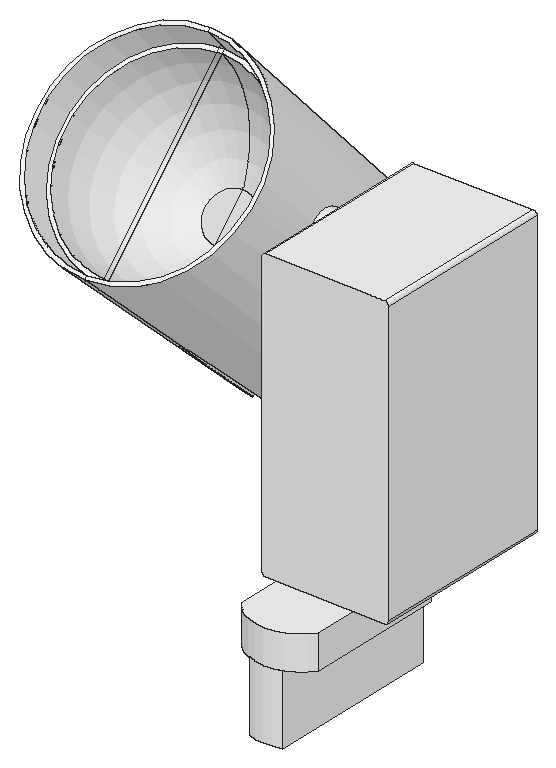
Revit family "0004864 Feilo Sylvania Lighting Fixture START TRACK SPOT S 24W 3K RA90 WB WHITE", category Lighting Fixtures, host Face, Revit 2017
Family settings
  Host = Face
  Round Connector Dimension = Use Diameter
  Part Type = Normal
  OmniClass Number = 23.80.70.00
  OmniClass Title = Lighting
  Cut with Voids When Loaded = No
  Light Source = No
  Shared = No
  Room Calculation Point = No
Parameters (values of type "0004864 START TRACK SPOT S 24W 3K RA90 WB WHITE")
  Weight = "0.966 kg"
  Wattage Comments = ""
  WarrantyStartDate [instance] = "n/a"
  WarrantyGuarantorParts = "n/a"
  WarrantyDurationUnit = "n/a"
  WarrantyDurationParts = "n/a"
  WarrantyDescription = "n/a"
  Voltage = 230 V
  URL = "http://www.sylvania-lighting.com"
  TypeName = "START TRACK SPOT S 24W 3K RA90 WB WHITE"
  TypeHead_FEILO = Start Track Spot Head : 0004864 START TRACK SPOT S 24W 3K RA90 WB WHITE
  TypeBox_FEILO = Start Track Spot Box : Type Small White
  Type Image = <None>
  Type Comments = "n/a"
  VerticalRotation_FEILO [instance] = 0.00°
  SlideEndAngle_FEILO [instance] = VerticalRotation_FEILO + 180.00°  # 180.00°
  SerialNumber [instance] = "n/a"
  Material_3_FEILO = none
  PowerFactor = 0.95
  PowerConsumption = "24 W"
  NominalLength = 0 mm
  NominalHeight = 200 mm
  NominalDepth = 140 mm
  Name = "START TRACK SPOT S 24W 3K RA90 WB WHITE"
  ModelReference = Name  # "START TRACK SPOT S 24W 3K RA90 WB WHITE"
  ModelNumber = "0004864"
  Model = Name  # "START TRACK SPOT S 24W 3K RA90 WB WHITE"
  Material = "adc12 aluminium housing, polycarbonate diffuser"
  ManufacturerName = "Feilo Sylvania"
  Manufacturer = "Feilo Sylvania"
  LuminousEfficacy = "80 lm/W"
  LuminaireType = ""
  LightOutputRatio = "100"
  LampsType = Lamp  # "LED"
  LampNominalLuminous = "1928 lm"
  LampMacAdamStep = "3"
  LampColourTemperature = "3000 K"
  LampColourRenderingIndex = "90"
  Lamp = "LED"
  Keynote = "16500"
  InstallationDate [instance] = "n/a"
  InputVoltage = "230-240V~"
  InputNominalFrequency = "50/60 Hz"
  IngressProtection = "IP20"
  ImpactProtectionIndex = "IK02"
  IfcExportType = "IfcLightFixtureType"
  IfcExportAs = "IfcLightFixtureType"
  HorizontalRotation_FEILO [instance] = 45.00°
  ExpectedLife = 50000
  ElectricShockClassification = "Class II"
  DurationUnit = "hours"
  DocumentationLiterature = "http://www.sylvania-lighting.com/product/en-int/products/0004864"
  DimmingControlOptions = "Non dimmable"
  Material_2_FEILO = none
  Description = "Integrated LED spotlight, Textured White - RAL9016, compact and minimalist design, ideal for retail applications, die-cast aluminium body, passive cooling heatsink. Beam angle: 64°, color temperature: 3000K , total system power: 24W, total fixture output: 1928 lm, LOR: 100%, colour rendering: Ra: 90 typical, LED Chromaticity: 3 step MacAdam ellipse, lifetime: >50000 hours at L70B50, energy class: A++, A+, A, IR/UV free light source without heat radiation, operating voltage: 220-240V / 50-60Hz, drive current: 600mA, electronic driver, non-dimmable, power factor: 0.95, electrical protection: Class II, Global Track 3 Phase adapter suitable for Global trac 3-circuit tracks, ingress protection rating: IP20, suitable for internal environment only, horizontal rotation: 355°, vertical tilt: 90°, dimensions: Ø86x140x200, weight: 0.966kg."
  Default Elevation = 1219.2 mm
  CreatedOn = "12/12/2017"
  CreatedBy = ""
  Cost = 0
  built-in parameter 1114216 [instance] = (empty or 0)
  ClassificationValue = "EF_70_80"
  ClassificationName = "Uniclass2015"
  Material_1_FEILO = Body-Sylvania-StartTrackSpot-White
  BarCode [instance] = "n/a"
  AssetType = "Fixed"
  AssetIdentifier [instance] = "n/a"
  Assembly Code = "D5020200"
  Apparent Load = 24 VA
  Material_4_FEILO = none
Reference planes
  plane 1 "Center (Front/Back)": y = 0
  plane 2: z = 0
  plane 3 "Center (Left/Right)": x = 0
  plane 4: x = 15
  plane 5: x = -15
  plane 6: y = 35
  plane 7: y = -35
  plane 8: z = 13
  plane 9: z = -27
  plane 10: x = 6.5
  plane 11: x = -6.5
  plane 12: y = 27
  plane 13: y = -27
  plane 14: y = 20
Forms (mm)
  Extrusion 1, solid, material "Body-Sylvania-StartTrackSpot-White" <- "Material_1_FEILO"
    sketch origin (0, 0, 0) x (1, 0, 0) y (0, 1, 0)
      loop
        line (-15, 27) -> (-15, -27)
        arc (-15, -27) -> (0, -35) -> (15, -27) r 18.062
        line (15, -27) -> (15, 27)
        arc (15, 27) -> (0, 35) -> (-15, 27) r 18.062
    from 0 to 13
  Extrusion 2, solid, material "Body-Sylvania-StartTrackSpot-White" <- "Material_1_FEILO"
    sketch origin (0, 0, 0) x (1, 0, 0) y (0, 1, 0)
      loop
        arc (6.5, 33.79) -> (0, 35) -> (-6.5, 33.79) r 18.062
        line (-6.5, 33.79) -> (-6.5, -33.79)
        arc (-6.5, -33.79) -> (0, -35) -> (6.5, -33.79) r 18.062
        line (6.5, -33.79) -> (6.5, 33.79)
    from 0 to -27
  Revolve 3, solid, not visible
    sketch origin (1524, 20, 1219.2) x (1, 0, 0) y (0, 0, 1)
      loop
        line (-1524, -1206.2) -> (-1524, -1191.285) -> (-1530.5, -1191.285) -> (-1530.5, -1206.2) -> (-1524, -1206.2)
      axis (-1524, -1191.285) -> (-1524, -1206.2)
    angle from 0 <- "VerticalRotation_FEILO" to 180 <- "SlideEndAngle_FEILO"
Cuts and joins
  joined: Extrusion 1, Extrusion 2
Dimensions and locks
  equal spacing: plane 10, plane 3 "Center (Left/Right)", plane 11
  equal spacing: plane 4, plane 3 "Center (Left/Right)", plane 5
  locked: plane 8 to plane 2 at 13
  locked: plane 8 to plane 9 at 40
  equal spacing: plane 13, plane 1 "Center (Front/Back)", plane 12
  locked: plane 12 to plane 6 at 8
  locked: plane 14 to plane 6 at 15
  locked: Revolve 3 sketch curve to plane 8 at 14.915
  aligned and locked: plane 2 to host face
  aligned and locked: level to host face
  aligned and locked: plane 5 to Extrusion 1 sketch curve  (x2)
  aligned and locked: plane 12 to Extrusion 1 sketch curve
  aligned and locked: plane 13 to Extrusion 1 sketch curve
  aligned and locked: plane 4 to Extrusion 1 sketch curve
  aligned and locked: Extrusion 1 to plane 8
  aligned and locked: Extrusion 1 to level
  aligned and locked: Extrusion 2 sketch curve to Extrusion 1  (x2)
  aligned and locked: Extrusion 2 sketch curve to plane 11
  aligned and locked: plane 10 to Extrusion 2 sketch curve
  aligned and locked: plane 9 to Extrusion 2
  aligned and locked: level to Extrusion 2
  aligned and locked: Revolve 3 sketch curve to plane 3 "Center (Left/Right)"  (x2)
  aligned and locked: plane 11 to Revolve 3 sketch curve
  aligned and locked: Revolve 3 sketch curve to plane 8
Automatic sketch dimensions
  host sketch curve to host sketch curve = 2438.4 mm  (x2)
  Extrusion 1 sketch curve to plane 3 "Center (Left/Right)" = 0 mm  (x2)
  Extrusion 1 sketch curve to plane 13 = 10.062 mm
  plane 12 to Extrusion 1 sketch curve = 10.062 mm
  Revolve 3 sketch curve to plane 3 "Center (Left/Right)" = 0 mm
  plane 9 to Revolve 3 sketch curve = 582.6 mm
  Revolve 3 sketch curve to Revolve 3 sketch curve = 2581.144 mm
Nested families
  nested 1: "Start Track Spot Head" at (-62, 20, 112.529) x (0, 0.7071, 0.7071) z (0, 0.7071, -0.7071), type <- "TypeHead_FEILO", type "0004864 START TRACK SPOT S 24W 3K RA90 WB WHITE"
    with built-in parameter 1114216 (empty or 0)
  nested 2: "Start Track Spot Box" at (8.5, 20, 73) x (-1, 0, 0) z (0, -1, 0), BoxStartAngle_FEILO <- "HorizontalRotation_FEILO", type <- "TypeBox_FEILO", type "Type Small White"
    with BoxStartAngle_FEILO 45.00°, BoxEndAngle_FEILO -135.00°
Connectors
  electrical at (0, 0, 0), driven by "Apparent Load", driven by "PowerFactor", driven by "Voltage"
    settings: index 1, voltage 230 V, apparent load 24 VA, apparent load phase1 0 VA, apparent load phase2 0 VA, apparent load phase3 0 VA, power factor 0.95, load classification "Lighting", number of poles 1, system type 30, power factor state 1, is connector primary yes, connector utility no, sub classification motor no, connector description ""
Definition of nested family "Start Track Spot Head"
  Parameters (values of type "0004811 START TRACK SPOT S 14W 3K RA80 NB WHITE")
    Wattage Comments = "n/a"
    Wattage = 14 W
    built-in parameter 1150110 = 1 (stored number, unit not read)
    URL = "http://www.feilosylvania.com"
    Type Image = (empty or 0)
    Type Comments = "n/a"
    built-in parameter 1114217 = 1 (stored number, unit not read)
    Tilt Angle = -90.00°
    built-in parameter 1150109 = 1 (stored number, unit not read)
    built-in parameter 1150134 = (empty or 0)
    built-in parameter 1150113 = 1 (stored number, unit not read)
    Photometric Web File = "0004811.ies"
    Material_3_FEILO = none
    Model = "START TRACK SPOT S 14W 3K RA80 NB WHITE"
    Manufacturer = "Feilo Sylvania"
    built-in parameter 1150105 = 123.66 (stored number, unit not read)
    Lumens = 1554 lm
    built-in parameter 1150115 = 1 (stored number, unit not read)
    built-in parameter 1150137 = (empty or 0)
    built-in parameter 1150139 = (empty or 0)
    built-in parameter 1150112 = 1 (stored number, unit not read)
    built-in parameter 1150114 = 1 (stored number, unit not read)
    Lamp = "LED"
    Keynote = "16500"
    Material_2_FEILO = none
    built-in parameter 1150132 = (empty or 0)
    built-in parameter 1150102 = (empty or 0)
    built-in parameter 1150107 = 3000 (stored number, unit not read)
    built-in parameter 1150138 = (empty or 0)
    built-in parameter 1150106 = 1.2366 (stored number, unit not read)
    HeadThickness_FEILO = if(HeadDiaOut_FEILO > 112 mm, 2 mm, 1.5 mm)  # 1.5 mm
    HeadRibOffset_FEILO = HeadHeight_FEILO / 28  # 4.179 mm
    HeadRibDepth_FEILO = HeadHeight_FEILO / 2.1  # 55.714 mm
    HeadRibCutWidth_FEILO = HeadDiaOut_FEILO / 12  # 7.167 mm
    HeadRibCutOffset_FEILO = HeadHeight_FEILO / 2.3  # 50.87 mm
    HeadReflectorRadius_FEILO = HeadDiaOut_FEILO / 1.7  # 50.588 mm
    HeadReflectorOffset_FEILO = HeadHeight_FEILO / 2.1  # 55.714 mm
    HeadLEDRadius_FEILO = HeadDiaOut_FEILO / 9  # 9.556 mm
    HeadHeight_FEILO = 117 mm
    HeadDraft_FEILO = 1 mm
    HeadDiffusorThickness_FEILO = 3 mm
    HeadDiffusorOffset_FEILO = HeadHeight_FEILO / 12.4  # 9.435 mm
    HeadDiaOut_FEILO = 86 mm
    HeadDiaIn_FEILO = HeadDiaOut_FEILO / 1.11  # 77.477 mm
    HeadAxisFromTop_FEILO = HeadHeight_FEILO / 1.687  # 69.354 mm
    Emit from Circle Diameter = HeadDiaIn_FEILO  # 77.477 mm
    Emit Shape Visible in Rendering = no
    built-in parameter 1150104 = 10.312 (stored number, unit not read)
    Dimming Lamp Color Temperature Shift = (empty or 0)
    Description = "Integrated LED spotlight, Textured White - RAL9016, compact and minimalist design, ideal for retail applications, die-cast aluminium body, passive cooling heatsink. Beam angle: 12°, color temperature: 3000K , total system power: 14W, total fixture output: 1551 lm, LOR: 100%, colour rendering: Ra: 80 typical, LED Chromaticity: 3 step MacAdam ellipse, lifetime: >50000 hours at L70B50, energy class: A++, A+, A, IR/UV free light source without heat radiation, operating voltage: 220-240V / 50-60Hz, drive current: 350mA, electronic driver, non-dimmable, power factor: 0.92, electrical protection: Class II, Global Track 3 Phase adapter suitable for Global trac 3-circuit tracks, ingress protection rating: IP20, suitable for internal environment only, horizontal rotation: 355°, vertical tilt: 90°, dimensions: Ø86x140x200, weight: 0.940kg."
    Default Elevation = 1219.2 mm
    Cost = 0
    Color Filter = 16777215
    built-in parameter 1114216 [instance] = (empty or 0)
    Material_1_FEILO = none
    built-in parameter 1114218 = 1 (stored number, unit not read)
    built-in parameter 1150133 = 10 (stored number, unit not read)
    Assembly Code = "D5020200"
    Apparent Load = 14 VA
    Material_4_FEILO = none
  Types (96, lengths in mm): name | Wattage | built-in parameter 1150134 | Photometric Web File | Model | built-in parameter 1150105 | Lumens | built-in parameter 1150107 | built-in parameter 1150106 | HeadThickness_FEILO | HeadRibOffset_FEILO | HeadRibDepth_FEILO | HeadRibCutWidth_FEILO | HeadRibCutOffset_FEILO | HeadReflectorRadius_FEILO | HeadReflectorOffset_FEILO | HeadLEDRadius_FEILO | HeadHeight_FEILO | HeadDiffusorOffset_FEILO | HeadDiaOut_FEILO | HeadDiaIn_FEILO | HeadAxisFromTop_FEILO | Emit from Circle Diameter | built-in parameter 1150104 | Description | Apparent Load
    0004906 START TRACK SPOT L 55W 4K RA90 WB BLACK | 55 W | 12 | "0004906.ies" | "START TRACK SPOT L 55W 4K RA90 WB BLACK" | 385.15 (stored number, unit not read) | 4840 lm | 4000 (stored number, unit not read) | 3.8515 (stored number, unit not read) | 2 | 4.429 | 59.048 | 9.417 | 53.913 | 66.471 | 59.048 | 12.556 | 124 | 10 | 113 | 101.802 | 73.503 | 101.802 | 8.1755 (stored number, unit not read) | "Integrated LED spotlight, Textured Black - RAL9005, compact and minimalist design, ideal for retail applications, die-cast aluminium body, passive cooling heatsink. Beam angle: 52°, color temperature: 4000K , total system power: 55W, total fixture output: 4824 lm, LOR: 100%, colour rendering: Ra: 90 typical, LED Chromaticity: 3 step MacAdam ellipse, lifetime: >50000 hours at L70B50, energy class: A++, A+, A, IR/UV free light source without heat radiation, operating voltage: 220-240V / 50-60Hz, drive current: 1400mA, electronic driver, non-dimmable, power factor: 0.96, electrical protection: Class II, Global Track 3 Phase adapter suitable for Global trac 3-circuit tracks, ingress protection rating: IP20, suitable for internal environment only, horizontal rotation: 355°, vertical tilt: 90°, dimensions: Ø113x164x240, weight: 1.398kg." | 55 VA
    0004905 START TRACK SPOT L 55W 4K RA90 MB BLACK | 55 W | 12 | "0004905.ies" | "START TRACK SPOT L 55W 4K RA90 MB BLACK" | 389.53 (stored number, unit not read) | 4895 lm | 4000 (stored number, unit not read) | 3.8953 (stored number, unit not read) | 2 | 4.429 | 59.048 | 9.417 | 53.913 | 66.471 | 59.048 | 12.556 | 124 | 10 | 113 | 101.802 | 73.503 | 101.802 | 8.2684 (stored number, unit not read) | "Integrated LED spotlight, Textured Black - RAL9005, compact and minimalist design, ideal for retail applications, die-cast aluminium body, passive cooling heatsink. Beam angle: 38°, color temperature: 4000K , total system power: 55W, total fixture output: 4897 lm, LOR: 100%, colour rendering: Ra: 90 typical, LED Chromaticity: 3 step MacAdam ellipse, lifetime: >50000 hours at L70B50, energy class: A++, A+, A, IR/UV free light source without heat radiation, operating voltage: 220-240V / 50-60Hz, drive current: 1400mA, electronic driver, non-dimmable, power factor: 0.96, electrical protection: Class II, Global Track 3 Phase adapter suitable for Global trac 3-circuit tracks, ingress protection rating: IP20, suitable for internal environment only, horizontal rotation: 355°, vertical tilt: 90°, dimensions: Ø113x164x240, weight: 1.398kg." | 55 VA
    0004904 START TRACK SPOT L 55W 4K RA90 NB BLACK | 55 W | 12 | "0004904.ies" | "START TRACK SPOT L 55W 4K RA90 NB BLACK" | 393.91 (stored number, unit not read) | 4950 lm | 4000 (stored number, unit not read) | 3.9391 (stored number, unit not read) | 2 | 4.429 | 59.048 | 9.417 | 53.913 | 66.471 | 59.048 | 12.556 | 124 | 10 | 113 | 101.802 | 73.503 | 101.802 | 8.3613 (stored number, unit not read) | "Integrated LED spotlight, Textured Black - RAL9005, compact and minimalist design, ideal for retail applications, die-cast aluminium body, passive cooling heatsink. Beam angle: 15°, color temperature: 4000K , total system power: 55W, total fixture output: 4965 lm, LOR: 100%, colour rendering: Ra: 90 typical, LED Chromaticity: 3 step MacAdam ellipse, lifetime: >50000 hours at L70B50, energy class: A++, A+, A, IR/UV free light source without heat radiation, operating voltage: 220-240V / 50-60Hz, drive current: 1400mA, electronic driver, non-dimmable, power factor: 0.96, electrical protection: Class II, Global Track 3 Phase adapter suitable for Global trac 3-circuit tracks, ingress protection rating: IP20, suitable for internal environment only, horizontal rotation: 355°, vertical tilt: 90°, dimensions: Ø113x164x240, weight: 1.398kg." | 55 VA
    0004903 START TRACK SPOT L 35W 4K RA90 WB BLACK | 35 W | 12 | "0004903.ies" | "START TRACK SPOT L 35W 4K RA90 WB BLACK" | 284.09 (stored number, unit not read) | 3570 lm | 4000 (stored number, unit not read) | 2.8409 (stored number, unit not read) | 2 | 4.429 | 59.048 | 9.417 | 53.913 | 66.471 | 59.048 | 12.556 | 124 | 10 | 113 | 101.802 | 73.503 | 101.802 | 9.4761 (stored number, unit not read) | "Integrated LED spotlight, Textured Black - RAL9005, compact and minimalist design, ideal for retail applications, die-cast aluminium body, passive cooling heatsink. Beam angle: 52°, color temperature: 4000K , total system power: 35W, total fixture output: 3562 lm, LOR: 100%, colour rendering: Ra: 90 typical, LED Chromaticity: 3 step MacAdam ellipse, lifetime: >50000 hours at L70B50, energy class: A++, A+, A, IR/UV free light source without heat radiation, operating voltage: 220-240V / 50-60Hz, drive current: 900mA, electronic driver, non-dimmable, power factor: 0.93, electrical protection: Class II, Global Track 3 Phase adapter suitable for Global trac 3-circuit tracks, ingress protection rating: IP20, suitable for internal environment only, horizontal rotation: 355°, vertical tilt: 90°, dimensions: Ø113x164x240, weight: 1.368kg." | 35 VA
    0004902 START TRACK SPOT L 35W 4K RA90 MB BLACK | 35 W | 12 | "0004902.ies" | "START TRACK SPOT L 35W 4K RA90 MB BLACK" | 286.88 (stored number, unit not read) | 3605 lm | 4000 (stored number, unit not read) | 2.8688 (stored number, unit not read) | 2 | 4.429 | 59.048 | 9.417 | 53.913 | 66.471 | 59.048 | 12.556 | 124 | 10 | 113 | 101.802 | 73.503 | 101.802 | 9.569 (stored number, unit not read) | "Integrated LED spotlight, Textured Black - RAL9005, compact and minimalist design, ideal for retail applications, die-cast aluminium body, passive cooling heatsink. Beam angle: 38°, color temperature: 4000K , total system power: 35W, total fixture output: 3616 lm, LOR: 100%, colour rendering: Ra: 90 typical, LED Chromaticity: 3 step MacAdam ellipse, lifetime: >50000 hours at L70B50, energy class: A++, A+, A, IR/UV free light source without heat radiation, operating voltage: 220-240V / 50-60Hz, drive current: 900mA, electronic driver, non-dimmable, power factor: 0.93, electrical protection: Class II, Global Track 3 Phase adapter suitable for Global trac 3-circuit tracks, ingress protection rating: IP20, suitable for internal environment only, horizontal rotation: 355°, vertical tilt: 90°, dimensions: Ø113x164x240, weight: 1.368kg." | 35 VA
    0004901 START TRACK SPOT L 35W 4K RA90 NB BLACK | 35 W | 12 | "0004901.ies" | "START TRACK SPOT L 35W 4K RA90 NB BLACK" | 286.88 (stored number, unit not read) | 3605 lm | 4000 (stored number, unit not read) | 2.8688 (stored number, unit not read) | 2 | 4.429 | 59.048 | 9.417 | 53.913 | 66.471 | 59.048 | 12.556 | 124 | 10 | 113 | 101.802 | 73.503 | 101.802 | 9.569 (stored number, unit not read) | "Integrated LED spotlight, Textured Black - RAL9005, compact and minimalist design, ideal for retail applications, die-cast aluminium body, passive cooling heatsink. Beam angle: 15°, color temperature: 4000K , total system power: 35W, total fixture output: 3593 lm, LOR: 100%, colour rendering: Ra: 90 typical, LED Chromaticity: 3 step MacAdam ellipse, lifetime: >50000 hours at L70B50, energy class: A++, A+, A, IR/UV free light source without heat radiation, operating voltage: 220-240V / 50-60Hz, drive current: 900mA, electronic driver, non-dimmable, power factor: 0.93, electrical protection: Class II, Global Track 3 Phase adapter suitable for Global trac 3-circuit tracks, ingress protection rating: IP20, suitable for internal environment only, horizontal rotation: 355°, vertical tilt: 90°, dimensions: Ø113x164x240, weight: 1.368kg." | 35 VA
    0004900 START TRACK SPOT S 24W 4K RA90 WB BLACK | 24 W | 12 | "0004900.ies" | "START TRACK SPOT S 24W 4K RA90 WB BLACK" | 166.16 (stored number, unit not read) | 2088 lm | 4000 (stored number, unit not read) | 1.6616 (stored number, unit not read) | 1.5 | 4.179 | 55.714 | 7.167 | 50.87 | 50.588 | 55.714 | 9.556 | 117 | 9.435 | 86 | 77.477 | 69.354 | 77.477 | 8.0826 (stored number, unit not read) | "Integrated LED spotlight, Textured Black - RAL9005, compact and minimalist design, ideal for retail applications, die-cast aluminium body, passive cooling heatsink. Beam angle: 64°, color temperature: 4000K , total system power: 24W, total fixture output: 2087 lm, LOR: 100%, colour rendering: Ra: 90 typical, LED Chromaticity: 3 step MacAdam ellipse, lifetime: >50000 hours at L70B50, energy class: A++, A+, A, IR/UV free light source without heat radiation, operating voltage: 220-240V / 50-60Hz, drive current: 600mA, electronic driver, non-dimmable, power factor: 0.95, electrical protection: Class II, Global Track 3 Phase adapter suitable for Global trac 3-circuit tracks, ingress protection rating: IP20, suitable for internal environment only, horizontal rotation: 355°, vertical tilt: 90°, dimensions: Ø86x140x200, weight: 0.966kg." | 24 VA
    0004899 START TRACK SPOT S 24W 4K RA90 MB BLACK | 24 W | 12 | "0004899.ies" | "START TRACK SPOT S 24W 4K RA90 MB BLACK" | 169.98 (stored number, unit not read) | 2136 lm | 4000 (stored number, unit not read) | 1.6998 (stored number, unit not read) | 1.5 | 4.179 | 55.714 | 7.167 | 50.87 | 50.588 | 55.714 | 9.556 | 117 | 9.435 | 86 | 77.477 | 69.354 | 77.477 | 8.2684 (stored number, unit not read) | "Integrated LED spotlight, Textured Black - RAL9005, compact and minimalist design, ideal for retail applications, die-cast aluminium body, passive cooling heatsink. Beam angle: 36°, color temperature: 4000K , total system power: 24W, total fixture output: 2141 lm, LOR: 100%, colour rendering: Ra: 90 typical, LED Chromaticity: 3 step MacAdam ellipse, lifetime: >50000 hours at L70B50, energy class: A++, A+, A, IR/UV free light source without heat radiation, operating voltage: 220-240V / 50-60Hz, drive current: 600mA, electronic driver, non-dimmable, power factor: 0.95, electrical protection: Class II, Global Track 3 Phase adapter suitable for Global trac 3-circuit tracks, ingress protection rating: IP20, suitable for internal environment only, horizontal rotation: 355°, vertical tilt: 90°, dimensions: Ø86x140x200, weight: 0.966kg." | 24 VA
    0004898 START TRACK SPOT S 24W 4K RA90 NB BLACK | 24 W | 12 | "0004898.ies" | "START TRACK SPOT S 24W 4K RA90 NB BLACK" | 171.89 (stored number, unit not read) | 2160 lm | 4000 (stored number, unit not read) | 1.7189 (stored number, unit not read) | 1.5 | 4.179 | 55.714 | 7.167 | 50.87 | 50.588 | 55.714 | 9.556 | 117 | 9.435 | 86 | 77.477 | 69.354 | 77.477 | 8.3613 (stored number, unit not read) | "Integrated LED spotlight, Textured Black - RAL9005, compact and minimalist design, ideal for retail applications, die-cast aluminium body, passive cooling heatsink. Beam angle: 12°, color temperature: 4000K , total system power: 24W, total fixture output: 2155 lm, LOR: 100%, colour rendering: Ra: 90 typical, LED Chromaticity: 3 step MacAdam ellipse, lifetime: >50000 hours at L70B50, energy class: A++, A+, A, IR/UV free light source without heat radiation, operating voltage: 220-240V / 50-60Hz, drive current: 600mA, electronic driver, non-dimmable, power factor: 0.95, electrical protection: Class II, Global Track 3 Phase adapter suitable for Global trac 3-circuit tracks, ingress protection rating: IP20, suitable for internal environment only, horizontal rotation: 355°, vertical tilt: 90°, dimensions: Ø86x140x200, weight: 0.966kg." | 24 VA
    0004897 START TRACK SPOT S 14W 4K RA90 WB BLACK | 14 W | 12 | "0004897.ies" | "START TRACK SPOT S 14W 4K RA90 WB BLACK" | 108.07 (stored number, unit not read) | 1358 lm | 4000 (stored number, unit not read) | 1.0807 (stored number, unit not read) | 1.5 | 4.179 | 55.714 | 7.167 | 50.87 | 50.588 | 55.714 | 9.556 | 117 | 9.435 | 86 | 77.477 | 69.354 | 77.477 | 9.0116 (stored number, unit not read) | "Integrated LED spotlight, Textured Black - RAL9005, compact and minimalist design, ideal for retail applications, die-cast aluminium body, passive cooling heatsink. Beam angle: 64°, color temperature: 4000K , total system power: 14W, total fixture output: 1352 lm, LOR: 100%, colour rendering: Ra: 90 typical, LED Chromaticity: 3 step MacAdam ellipse, lifetime: >50000 hours at L70B50, energy class: A++, A+, A, IR/UV free light source without heat radiation, operating voltage: 220-240V / 50-60Hz, drive current: 350mA, electronic driver, non-dimmable, power factor: 0.92, electrical protection: Class II, Global Track 3 Phase adapter suitable for Global trac 3-circuit tracks, ingress protection rating: IP20, suitable for internal environment only, horizontal rotation: 355°, vertical tilt: 90°, dimensions: Ø86x140x200, weight: 0.940kg." | 14 VA
    0004896 START TRACK SPOT S 14W 4K RA90 MB BLACK | 14 W | 12 | "0004896.ies" | "START TRACK SPOT S 14W 4K RA90 MB BLACK" | 108.07 (stored number, unit not read) | 1358 lm | 4000 (stored number, unit not read) | 1.0807 (stored number, unit not read) | 1.5 | 4.179 | 55.714 | 7.167 | 50.87 | 50.588 | 55.714 | 9.556 | 117 | 9.435 | 86 | 77.477 | 69.354 | 77.477 | 9.0116 (stored number, unit not read) | "Integrated LED spotlight, Textured Black - RAL9005, compact and minimalist design, ideal for retail applications, die-cast aluminium body, passive cooling heatsink. Beam angle: 36°, color temperature: 4000K , total system power: 14W, total fixture output: 1359 lm, LOR: 100%, colour rendering: Ra: 90 typical, LED Chromaticity: 3 step MacAdam ellipse, lifetime: >50000 hours at L70B50, energy class: A++, A+, A, IR/UV free light source without heat radiation, operating voltage: 220-240V / 50-60Hz, drive current: 350mA, electronic driver, non-dimmable, power factor: 0.92, electrical protection: Class II, Global Track 3 Phase adapter suitable for Global trac 3-circuit tracks, ingress protection rating: IP20, suitable for internal environment only, horizontal rotation: 355°, vertical tilt: 90°, dimensions: Ø86x140x200, weight: 0.940kg." | 14 VA
    0004895 START TRACK SPOT S 14W 4K RA90 NB BLACK | 14 W | 12 | "0004895.ies" | "START TRACK SPOT S 14W 4K RA90 NB BLACK" | 106.95 (stored number, unit not read) | 1344 lm | 4000 (stored number, unit not read) | 1.0695 (stored number, unit not read) | 1.5 | 4.179 | 55.714 | 7.167 | 50.87 | 50.588 | 55.714 | 9.556 | 117 | 9.435 | 86 | 77.477 | 69.354 | 77.477 | 8.9187 (stored number, unit not read) | "Integrated LED spotlight, Textured Black - RAL9005, compact and minimalist design, ideal for retail applications, die-cast aluminium body, passive cooling heatsink. Beam angle: 12°, color temperature: 4000K , total system power: 14W, total fixture output: 1349 lm, LOR: 100%, colour rendering: Ra: 90 typical, LED Chromaticity: 3 step MacAdam ellipse, lifetime: >50000 hours at L70B50, energy class: A++, A+, A, IR/UV free light source without heat radiation, operating voltage: 220-240V / 50-60Hz, drive current: 350mA, electronic driver, non-dimmable, power factor: 0.92, electrical protection: Class II, Global Track 3 Phase adapter suitable for Global trac 3-circuit tracks, ingress protection rating: IP20, suitable for internal environment only, horizontal rotation: 355°, vertical tilt: 90°, dimensions: Ø86x140x200, weight: 0.940kg." | 14 VA
    0004894 START TRACK SPOT L 55W 3K RA90 WB BLACK | 55 W | (empty or 0) | "0004894.ies" | "START TRACK SPOT L 55W 3K RA90 WB BLACK" | 350.14 (stored number, unit not read) | 4400 lm | 3000 (stored number, unit not read) | 3.5014 (stored number, unit not read) | 2 | 4.429 | 59.048 | 9.417 | 53.913 | 66.471 | 59.048 | 12.556 | 124 | 10 | 113 | 101.802 | 73.503 | 101.802 | 7.4322 (stored number, unit not read) | "Integrated LED spotlight, Textured Black - RAL9005, compact and minimalist design, ideal for retail applications, die-cast aluminium body, passive cooling heatsink. Beam angle: 52°, color temperature: 3000K , total system power: 55W, total fixture output: 4405 lm, LOR: 100%, colour rendering: Ra: 90 typical, LED Chromaticity: 3 step MacAdam ellipse, lifetime: >50000 hours at L70B50, energy class: A++, A+, A, IR/UV free light source without heat radiation, operating voltage: 220-240V / 50-60Hz, drive current: 1400mA, electronic driver, non-dimmable, power factor: 0.96, electrical protection: Class II, Global Track 3 Phase adapter suitable for Global trac 3-circuit tracks, ingress protection rating: IP20, suitable for internal environment only, horizontal rotation: 355°, vertical tilt: 90°, dimensions: Ø113x164x240, weight: 1.398kg." | 55 VA
    0004893 START TRACK SPOT L 55W 3K RA90 MB BLACK | 55 W | (empty or 0) | "0004893.ies" | "START TRACK SPOT L 55W 3K RA90 MB BLACK" | 354.52 (stored number, unit not read) | 4455 lm | 3000 (stored number, unit not read) | 3.5452 (stored number, unit not read) | 2 | 4.429 | 59.048 | 9.417 | 53.913 | 66.471 | 59.048 | 12.556 | 124 | 10 | 113 | 101.802 | 73.503 | 101.802 | 7.5251 (stored number, unit not read) | "Integrated LED spotlight, Textured Black - RAL9005, compact and minimalist design, ideal for retail applications, die-cast aluminium body, passive cooling heatsink. Beam angle: 38°, color temperature: 3000K , total system power: 55W, total fixture output: 4448 lm, LOR: 100%, colour rendering: Ra: 90 typical, LED Chromaticity: 3 step MacAdam ellipse, lifetime: >50000 hours at L70B50, energy class: A++, A+, A, IR/UV free light source without heat radiation, operating voltage: 220-240V / 50-60Hz, drive current: 1400mA, electronic driver, non-dimmable, power factor: 0.96, electrical protection: Class II, Global Track 3 Phase adapter suitable for Global trac 3-circuit tracks, ingress protection rating: IP20, suitable for internal environment only, horizontal rotation: 355°, vertical tilt: 90°, dimensions: Ø113x164x240, weight: 1.398kg." | 55 VA
    0004892 START TRACK SPOT L 55W 3K RA90 NB BLACK | 55 W | (empty or 0) | "0004892.ies" | "START TRACK SPOT L 55W 3K RA90 NB BLACK" | 350.14 (stored number, unit not read) | 4400 lm | 3000 (stored number, unit not read) | 3.5014 (stored number, unit not read) | 2 | 4.429 | 59.048 | 9.417 | 53.913 | 66.471 | 59.048 | 12.556 | 124 | 10 | 113 | 101.802 | 73.503 | 101.802 | 7.4322 (stored number, unit not read) | "Integrated LED spotlight, Textured Black - RAL9005, compact and minimalist design, ideal for retail applications, die-cast aluminium body, passive cooling heatsink. Beam angle: 15°, color temperature: 3000K , total system power: 55W, total fixture output: 4416 lm, LOR: 100%, colour rendering: Ra: 90 typical, LED Chromaticity: 3 step MacAdam ellipse, lifetime: >50000 hours at L70B50, energy class: A++, A+, A, IR/UV free light source without heat radiation, operating voltage: 220-240V / 50-60Hz, drive current: 1400mA, electronic driver, non-dimmable, power factor: 0.96, electrical protection: Class II, Global Track 3 Phase adapter suitable for Global trac 3-circuit tracks, ingress protection rating: IP20, suitable for internal environment only, horizontal rotation: 355°, vertical tilt: 90°, dimensions: Ø113x164x240, weight: 1.398kg." | 55 VA
    0004891 START TRACK SPOT L 35W 3K RA90 WB BLACK | 35 W | (empty or 0) | "0004891.ies" | "START TRACK SPOT L 35W 3K RA90 WB BLACK" | 259.02 (stored number, unit not read) | 3255 lm | 3000 (stored number, unit not read) | 2.5902 (stored number, unit not read) | 2 | 4.429 | 59.048 | 9.417 | 53.913 | 66.471 | 59.048 | 12.556 | 124 | 10 | 113 | 101.802 | 73.503 | 101.802 | 8.64 (stored number, unit not read) | "Integrated LED spotlight, Textured Black - RAL9005, compact and minimalist design, ideal for retail applications, die-cast aluminium body, passive cooling heatsink. Beam angle: 52°, color temperature: 3000K , total system power: 35W, total fixture output: 3260 lm, LOR: 100%, colour rendering: Ra: 90 typical, LED Chromaticity: 3 step MacAdam ellipse, lifetime: >50000 hours at L70B50, energy class: A++, A+, A, IR/UV free light source without heat radiation, operating voltage: 220-240V / 50-60Hz, drive current: 900mA, electronic driver, non-dimmable, power factor: 0.93, electrical protection: Class II, Global Track 3 Phase adapter suitable for Global trac 3-circuit tracks, ingress protection rating: IP20, suitable for internal environment only, horizontal rotation: 355°, vertical tilt: 90°, dimensions: Ø113x164x240, weight: 1.368kg." | 35 VA
    0004890 START TRACK SPOT L 35W 3K RA90 MB BLACK | 35 W | (empty or 0) | "0004890.ies" | "START TRACK SPOT L 35W 3K RA90 MB BLACK" | 261.81 (stored number, unit not read) | 3290 lm | 3000 (stored number, unit not read) | 2.6181 (stored number, unit not read) | 2 | 4.429 | 59.048 | 9.417 | 53.913 | 66.471 | 59.048 | 12.556 | 124 | 10 | 113 | 101.802 | 73.503 | 101.802 | 8.7329 (stored number, unit not read) | "Integrated LED spotlight, Textured Black - RAL9005, compact and minimalist design, ideal for retail applications, die-cast aluminium body, passive cooling heatsink. Beam angle: 38°, color temperature: 3000K , total system power: 35W, total fixture output: 3306 lm, LOR: 100%, colour rendering: Ra: 90 typical, LED Chromaticity: 3 step MacAdam ellipse, lifetime: >50000 hours at L70B50, energy class: A++, A+, A, IR/UV free light source without heat radiation, operating voltage: 220-240V / 50-60Hz, drive current: 900mA, electronic driver, non-dimmable, power factor: 0.93, electrical protection: Class II, Global Track 3 Phase adapter suitable for Global trac 3-circuit tracks, ingress protection rating: IP20, suitable for internal environment only, horizontal rotation: 355°, vertical tilt: 90°, dimensions: Ø113x164x240, weight: 1.368kg." | 35 VA
    0004889 START TRACK SPOT L 35W 3K RA90 NB BLACK | 35 W | (empty or 0) | "0004889.ies" | "START TRACK SPOT L 35W 3K RA90 NB BLACK" | 261.81 (stored number, unit not read) | 3290 lm | 3000 (stored number, unit not read) | 2.6181 (stored number, unit not read) | 2 | 4.429 | 59.048 | 9.417 | 53.913 | 66.471 | 59.048 | 12.556 | 124 | 10 | 113 | 101.802 | 73.503 | 101.802 | 8.7329 (stored number, unit not read) | "Integrated LED spotlight, Textured Black - RAL9005, compact and minimalist design, ideal for retail applications, die-cast aluminium body, passive cooling heatsink. Beam angle: 15°, color temperature: 3000K , total system power: 35W, total fixture output: 3287 lm, LOR: 100%, colour rendering: Ra: 90 typical, LED Chromaticity: 3 step MacAdam ellipse, lifetime: >50000 hours at L70B50, energy class: A++, A+, A, IR/UV free light source without heat radiation, operating voltage: 220-240V / 50-60Hz, drive current: 900mA, electronic driver, non-dimmable, power factor: 0.93, electrical protection: Class II, Global Track 3 Phase adapter suitable for Global trac 3-circuit tracks, ingress protection rating: IP20, suitable for internal environment only, horizontal rotation: 355°, vertical tilt: 90°, dimensions: Ø113x164x240, weight: 1.368kg." | 35 VA
    0004888 START TRACK SPOT S 24W 3K RA90 WB BLACK | 24 W | (empty or 0) | "0004888.ies" | "START TRACK SPOT S 24W 3K RA90 WB BLACK" | 152.79 (stored number, unit not read) | 1920 lm | 3000 (stored number, unit not read) | 1.5279 (stored number, unit not read) | 1.5 | 4.179 | 55.714 | 7.167 | 50.87 | 50.588 | 55.714 | 9.556 | 117 | 9.435 | 86 | 77.477 | 69.354 | 77.477 | 7.4322 (stored number, unit not read) | "Integrated LED spotlight, Textured Black - RAL9005, compact and minimalist design, ideal for retail applications, die-cast aluminium body, passive cooling heatsink. Beam angle: 64°, color temperature: 3000K , total system power: 24W, total fixture output: 1928 lm, LOR: 100%, colour rendering: Ra: 90 typical, LED Chromaticity: 3 step MacAdam ellipse, lifetime: >50000 hours at L70B50, energy class: A++, A+, A, IR/UV free light source without heat radiation, operating voltage: 220-240V / 50-60Hz, drive current: 600mA, electronic driver, non-dimmable, power factor: 0.95, electrical protection: Class II, Global Track 3 Phase adapter suitable for Global trac 3-circuit tracks, ingress protection rating: IP20, suitable for internal environment only, horizontal rotation: 355°, vertical tilt: 90°, dimensions: Ø86x140x200, weight: 0.966kg." | 24 VA
    0004887 START TRACK SPOT S 24W 3K RA90 MB BLACK | 24 W | (empty or 0) | "0004887.ies" | "START TRACK SPOT S 24W 3K RA90 MB BLACK" | 154.7 (stored number, unit not read) | 1944 lm | 3000 (stored number, unit not read) | 1.547 (stored number, unit not read) | 1.5 | 4.179 | 55.714 | 7.167 | 50.87 | 50.588 | 55.714 | 9.556 | 117 | 9.435 | 86 | 77.477 | 69.354 | 77.477 | 7.5251 (stored number, unit not read) | "Integrated LED spotlight, Textured Black - RAL9005, compact and minimalist design, ideal for retail applications, die-cast aluminium body, passive cooling heatsink. Beam angle: 36°, color temperature: 3000K , total system power: 24W, total fixture output: 1944 lm, LOR: 100%, colour rendering: Ra: 90 typical, LED Chromaticity: 3 step MacAdam ellipse, lifetime: >50000 hours at L70B50, energy class: A++, A+, A, IR/UV free light source without heat radiation, operating voltage: 220-240V / 50-60Hz, drive current: 600mA, electronic driver, non-dimmable, power factor: 0.95, electrical protection: Class II, Global Track 3 Phase adapter suitable for Global trac 3-circuit tracks, ingress protection rating: IP20, suitable for internal environment only, horizontal rotation: 355°, vertical tilt: 90°, dimensions: Ø86x140x200, weight: 0.966kg." | 24 VA
    0004886 START TRACK SPOT S 24W 3K RA90 NB BLACK | 24 W | (empty or 0) | "0004886.ies" | "START TRACK SPOT S 24W 3K RA90 NB BLACK" | 158.52 (stored number, unit not read) | 1992 lm | 3000 (stored number, unit not read) | 1.5852 (stored number, unit not read) | 1.5 | 4.179 | 55.714 | 7.167 | 50.87 | 50.588 | 55.714 | 9.556 | 117 | 9.435 | 86 | 77.477 | 69.354 | 77.477 | 7.711 (stored number, unit not read) | "Integrated LED spotlight, Textured Black - RAL9005, compact and minimalist design, ideal for retail applications, die-cast aluminium body, passive cooling heatsink. Beam angle: 12°, color temperature: 3000K , total system power: 24W, total fixture output: 1987 lm, LOR: 100%, colour rendering: Ra: 90 typical, LED Chromaticity: 3 step MacAdam ellipse, lifetime: >50000 hours at L70B50, energy class: A++, A+, A, IR/UV free light source without heat radiation, operating voltage: 220-240V / 50-60Hz, drive current: 600mA, electronic driver, non-dimmable, power factor: 0.95, electrical protection: Class II, Global Track 3 Phase adapter suitable for Global trac 3-circuit tracks, ingress protection rating: IP20, suitable for internal environment only, horizontal rotation: 355°, vertical tilt: 90°, dimensions: Ø86x140x200, weight: 0.966kg." | 24 VA
    0004885 START TRACK SPOT S 14W 3K RA90 WB BLACK | 14 W | (empty or 0) | "0004885.ies" | "START TRACK SPOT S 14W 3K RA90 WB BLACK" | 100.27 (stored number, unit not read) | 1260 lm | 3000 (stored number, unit not read) | 1.0027 (stored number, unit not read) | 1.5 | 4.179 | 55.714 | 7.167 | 50.87 | 50.588 | 55.714 | 9.556 | 117 | 9.435 | 86 | 77.477 | 69.354 | 77.477 | 8.3613 (stored number, unit not read) | "Integrated LED spotlight, Textured Black - RAL9005, compact and minimalist design, ideal for retail applications, die-cast aluminium body, passive cooling heatsink. Beam angle: 64°, color temperature: 3000K , total system power: 14W, total fixture output: 1262 lm, LOR: 100%, colour rendering: Ra: 90 typical, LED Chromaticity: 3 step MacAdam ellipse, lifetime: >50000 hours at L70B50, energy class: A++, A+, A, IR/UV free light source without heat radiation, operating voltage: 220-240V / 50-60Hz, drive current: 350mA, electronic driver, non-dimmable, power factor: 0.92, electrical protection: Class II, Global Track 3 Phase adapter suitable for Global trac 3-circuit tracks, ingress protection rating: IP20, suitable for internal environment only, horizontal rotation: 355°, vertical tilt: 90°, dimensions: Ø86x140x200, weight: 0.940kg." | 14 VA
    0004884 START TRACK SPOT S 14W 3K RA90 MB BLACK | 14 W | (empty or 0) | "0004884.ies" | "START TRACK SPOT S 14W 3K RA90 MB BLACK" | 100.27 (stored number, unit not read) | 1260 lm | 3000 (stored number, unit not read) | 1.0027 (stored number, unit not read) | 1.5 | 4.179 | 55.714 | 7.167 | 50.87 | 50.588 | 55.714 | 9.556 | 117 | 9.435 | 86 | 77.477 | 69.354 | 77.477 | 8.3613 (stored number, unit not read) | "Integrated LED spotlight, Textured Black - RAL9005, compact and minimalist design, ideal for retail applications, die-cast aluminium body, passive cooling heatsink. Beam angle: 36°, color temperature: 3000K , total system power: 14W, total fixture output: 1262 lm, LOR: 100%, colour rendering: Ra: 90 typical, LED Chromaticity: 3 step MacAdam ellipse, lifetime: >50000 hours at L70B50, energy class: A++, A+, A, IR/UV free light source without heat radiation, operating voltage: 220-240V / 50-60Hz, drive current: 350mA, electronic driver, non-dimmable, power factor: 0.92, electrical protection: Class II, Global Track 3 Phase adapter suitable for Global trac 3-circuit tracks, ingress protection rating: IP20, suitable for internal environment only, horizontal rotation: 355°, vertical tilt: 90°, dimensions: Ø86x140x200, weight: 0.940kg." | 14 VA
    0004883 START TRACK SPOT S 14W 3K RA90 NB BLACK | 14 W | (empty or 0) | "0004883.ies" | "START TRACK SPOT S 14W 3K RA90 NB BLACK" | 102.5 (stored number, unit not read) | 1288 lm | 3000 (stored number, unit not read) | 1.025 (stored number, unit not read) | 1.5 | 4.179 | 55.714 | 7.167 | 50.87 | 50.588 | 55.714 | 9.556 | 117 | 9.435 | 86 | 77.477 | 69.354 | 77.477 | 8.5471 (stored number, unit not read) | "Integrated LED spotlight, Textured Black - RAL9005, compact and minimalist design, ideal for retail applications, die-cast aluminium body, passive cooling heatsink. Beam angle: 12°, color temperature: 3000K , total system power: 14W, total fixture output: 1284 lm, LOR: 100%, colour rendering: Ra: 90 typical, LED Chromaticity: 3 step MacAdam ellipse, lifetime: >50000 hours at L70B50, energy class: A++, A+, A, IR/UV free light source without heat radiation, operating voltage: 220-240V / 50-60Hz, drive current: 350mA, electronic driver, non-dimmable, power factor: 0.92, electrical protection: Class II, Global Track 3 Phase adapter suitable for Global trac 3-circuit tracks, ingress protection rating: IP20, suitable for internal environment only, horizontal rotation: 355°, vertical tilt: 90°, dimensions: Ø86x140x200, weight: 0.940kg." | 14 VA
    0004882 START TRACK SPOT L 55W 4K RA90 WB WHITE | 55 W | 12 | "0004882.ies" | "START TRACK SPOT L 55W 4K RA90 WB WHITE" | 385.15 (stored number, unit not read) | 4840 lm | 4000 (stored number, unit not read) | 3.8515 (stored number, unit not read) | 2 | 4.429 | 59.048 | 9.417 | 53.913 | 66.471 | 59.048 | 12.556 | 124 | 10 | 113 | 101.802 | 73.503 | 101.802 | 8.1755 (stored number, unit not read) | "Integrated LED spotlight, Textured White - RAL9016, compact and minimalist design, ideal for retail applications, die-cast aluminium body, passive cooling heatsink. Beam angle: 52°, color temperature: 4000K , total system power: 55W, total fixture output: 4824 lm, LOR: 100%, colour rendering: Ra: 90 typical, LED Chromaticity: 3 step MacAdam ellipse, lifetime: >50000 hours at L70B50, energy class: A++, A+, A, IR/UV free light source without heat radiation, operating voltage: 220-240V / 50-60Hz, drive current: 1400mA, electronic driver, non-dimmable, power factor: 0.96, electrical protection: Class II, Global Track 3 Phase adapter suitable for Global trac 3-circuit tracks, ingress protection rating: IP20, suitable for internal environment only, horizontal rotation: 355°, vertical tilt: 90°, dimensions: Ø113x164x240, weight: 1.398kg." | 55 VA
    0004881 START TRACK SPOT L 55W 4K RA90 MB WHITE | 55 W | 12 | "0004881.ies" | "START TRACK SPOT L 55W 4K RA90 MB WHITE" | 389.53 (stored number, unit not read) | 4895 lm | 4000 (stored number, unit not read) | 3.8953 (stored number, unit not read) | 2 | 4.429 | 59.048 | 9.417 | 53.913 | 66.471 | 59.048 | 12.556 | 124 | 10 | 113 | 101.802 | 73.503 | 101.802 | 8.2684 (stored number, unit not read) | "Integrated LED spotlight, Textured White - RAL9016, compact and minimalist design, ideal for retail applications, die-cast aluminium body, passive cooling heatsink. Beam angle: 38°, color temperature: 4000K , total system power: 55W, total fixture output: 4897 lm, LOR: 100%, colour rendering: Ra: 90 typical, LED Chromaticity: 3 step MacAdam ellipse, lifetime: >50000 hours at L70B50, energy class: A++, A+, A, IR/UV free light source without heat radiation, operating voltage: 220-240V / 50-60Hz, drive current: 1400mA, electronic driver, non-dimmable, power factor: 0.96, electrical protection: Class II, Global Track 3 Phase adapter suitable for Global trac 3-circuit tracks, ingress protection rating: IP20, suitable for internal environment only, horizontal rotation: 355°, vertical tilt: 90°, dimensions: Ø113x164x240, weight: 1.398kg." | 55 VA
    0004880 START TRACK SPOT L 55W 4K RA90 NB WHITE | 55 W | 12 | "0004880.ies" | "START TRACK SPOT L 55W 4K RA90 NB WHITE" | 393.91 (stored number, unit not read) | 4950 lm | 4000 (stored number, unit not read) | 3.9391 (stored number, unit not read) | 2 | 4.429 | 59.048 | 9.417 | 53.913 | 66.471 | 59.048 | 12.556 | 124 | 10 | 113 | 101.802 | 73.503 | 101.802 | 8.3613 (stored number, unit not read) | "Integrated LED spotlight, Textured White - RAL9016, compact and minimalist design, ideal for retail applications, die-cast aluminium body, passive cooling heatsink. Beam angle: 15°, color temperature: 4000K , total system power: 55W, total fixture output: 4965 lm, LOR: 100%, colour rendering: Ra: 90 typical, LED Chromaticity: 3 step MacAdam ellipse, lifetime: >50000 hours at L70B50, energy class: A++, A+, A, IR/UV free light source without heat radiation, operating voltage: 220-240V / 50-60Hz, drive current: 1400mA, electronic driver, non-dimmable, power factor: 0.96, electrical protection: Class II, Global Track 3 Phase adapter suitable for Global trac 3-circuit tracks, ingress protection rating: IP20, suitable for internal environment only, horizontal rotation: 355°, vertical tilt: 90°, dimensions: Ø113x164x240, weight: 1.398kg." | 55 VA
    0004879 START TRACK SPOT L 35W 4K RA90 WB WHITE | 35 W | 12 | "0004879.ies" | "START TRACK SPOT L 35W 4K RA90 WB WHITE" | 284.09 (stored number, unit not read) | 3570 lm | 4000 (stored number, unit not read) | 2.8409 (stored number, unit not read) | 2 | 4.429 | 59.048 | 9.417 | 53.913 | 66.471 | 59.048 | 12.556 | 124 | 10 | 113 | 101.802 | 73.503 | 101.802 | 9.4761 (stored number, unit not read) | "Integrated LED spotlight, Textured White - RAL9016, compact and minimalist design, ideal for retail applications, die-cast aluminium body, passive cooling heatsink. Beam angle: 52°, color temperature: 4000K , total system power: 35W, total fixture output: 3562 lm, LOR: 100%, colour rendering: Ra: 90 typical, LED Chromaticity: 3 step MacAdam ellipse, lifetime: >50000 hours at L70B50, energy class: A++, A+, A, IR/UV free light source without heat radiation, operating voltage: 220-240V / 50-60Hz, drive current: 900mA, electronic driver, non-dimmable, power factor: 0.93, electrical protection: Class II, Global Track 3 Phase adapter suitable for Global trac 3-circuit tracks, ingress protection rating: IP20, suitable for internal environment only, horizontal rotation: 355°, vertical tilt: 90°, dimensions: Ø113x164x240, weight: 1.368kg." | 35 VA
    0004878 START TRACK SPOT L 35W 4K RA90 MB WHITE | 35 W | 12 | "0004878.ies" | "START TRACK SPOT L 35W 4K RA90 MB WHITE" | 286.88 (stored number, unit not read) | 3605 lm | 4000 (stored number, unit not read) | 2.8688 (stored number, unit not read) | 2 | 4.429 | 59.048 | 9.417 | 53.913 | 66.471 | 59.048 | 12.556 | 124 | 10 | 113 | 101.802 | 73.503 | 101.802 | 9.569 (stored number, unit not read) | "Integrated LED spotlight, Textured White - RAL9016, compact and minimalist design, ideal for retail applications, die-cast aluminium body, passive cooling heatsink. Beam angle: 38°, color temperature: 4000K , total system power: 35W, total fixture output: 3616 lm, LOR: 100%, colour rendering: Ra: 90 typical, LED Chromaticity: 3 step MacAdam ellipse, lifetime: >50000 hours at L70B50, energy class: A++, A+, A, IR/UV free light source without heat radiation, operating voltage: 220-240V / 50-60Hz, drive current: 900mA, electronic driver, non-dimmable, power factor: 0.93, electrical protection: Class II, Global Track 3 Phase adapter suitable for Global trac 3-circuit tracks, ingress protection rating: IP20, suitable for internal environment only, horizontal rotation: 355°, vertical tilt: 90°, dimensions: Ø113x164x240, weight: 1.368kg." | 35 VA
    0004877 START TRACK SPOT L 35W 4K RA90 NB WHITE | 35 W | 12 | "0004877.ies" | "START TRACK SPOT L 35W 4K RA90 NB WHITE" | 286.88 (stored number, unit not read) | 3605 lm | 4000 (stored number, unit not read) | 2.8688 (stored number, unit not read) | 2 | 4.429 | 59.048 | 9.417 | 53.913 | 66.471 | 59.048 | 12.556 | 124 | 10 | 113 | 101.802 | 73.503 | 101.802 | 9.569 (stored number, unit not read) | "Integrated LED spotlight, Textured White - RAL9016, compact and minimalist design, ideal for retail applications, die-cast aluminium body, passive cooling heatsink. Beam angle: 15°, color temperature: 4000K , total system power: 35W, total fixture output: 3593 lm, LOR: 100%, colour rendering: Ra: 90 typical, LED Chromaticity: 3 step MacAdam ellipse, lifetime: >50000 hours at L70B50, energy class: A++, A+, A, IR/UV free light source without heat radiation, operating voltage: 220-240V / 50-60Hz, drive current: 900mA, electronic driver, non-dimmable, power factor: 0.93, electrical protection: Class II, Global Track 3 Phase adapter suitable for Global trac 3-circuit tracks, ingress protection rating: IP20, suitable for internal environment only, horizontal rotation: 355°, vertical tilt: 90°, dimensions: Ø113x164x240, weight: 1.368kg." | 35 VA
    0004876 START TRACK SPOT S 24W 4K RA90 WB WHITE | 24 W | 12 | "0004876.ies" | "START TRACK SPOT S 24W 4K RA90 WB WHITE" | 166.16 (stored number, unit not read) | 2088 lm | 4000 (stored number, unit not read) | 1.6616 (stored number, unit not read) | 1.5 | 4.179 | 55.714 | 7.167 | 50.87 | 50.588 | 55.714 | 9.556 | 117 | 9.435 | 86 | 77.477 | 69.354 | 77.477 | 8.0826 (stored number, unit not read) | "Integrated LED spotlight, Textured White - RAL9016, compact and minimalist design, ideal for retail applications, die-cast aluminium body, passive cooling heatsink. Beam angle: 64°, color temperature: 4000K , total system power: 24W, total fixture output: 2087 lm, LOR: 100%, colour rendering: Ra: 90 typical, LED Chromaticity: 3 step MacAdam ellipse, lifetime: >50000 hours at L70B50, energy class: A++, A+, A, IR/UV free light source without heat radiation, operating voltage: 220-240V / 50-60Hz, drive current: 600mA, electronic driver, non-dimmable, power factor: 0.95, electrical protection: Class II, Global Track 3 Phase adapter suitable for Global trac 3-circuit tracks, ingress protection rating: IP20, suitable for internal environment only, horizontal rotation: 355°, vertical tilt: 90°, dimensions: Ø86x140x200, weight: 0.966kg." | 24 VA
    0004875 START TRACK SPOT S 24W 4K RA90 MB WHITE | 24 W | 12 | "0004875.ies" | "START TRACK SPOT S 24W 4K RA90 MB WHITE" | 169.98 (stored number, unit not read) | 2136 lm | 4000 (stored number, unit not read) | 1.6998 (stored number, unit not read) | 1.5 | 4.179 | 55.714 | 7.167 | 50.87 | 50.588 | 55.714 | 9.556 | 117 | 9.435 | 86 | 77.477 | 69.354 | 77.477 | 8.2684 (stored number, unit not read) | "Integrated LED spotlight, Textured White - RAL9016, compact and minimalist design, ideal for retail applications, die-cast aluminium body, passive cooling heatsink. Beam angle: 36°, color temperature: 4000K , total system power: 24W, total fixture output: 2141 lm, LOR: 100%, colour rendering: Ra: 90 typical, LED Chromaticity: 3 step MacAdam ellipse, lifetime: >50000 hours at L70B50, energy class: A++, A+, A, IR/UV free light source without heat radiation, operating voltage: 220-240V / 50-60Hz, drive current: 600mA, electronic driver, non-dimmable, power factor: 0.95, electrical protection: Class II, Global Track 3 Phase adapter suitable for Global trac 3-circuit tracks, ingress protection rating: IP20, suitable for internal environment only, horizontal rotation: 355°, vertical tilt: 90°, dimensions: Ø86x140x200, weight: 0.966kg." | 24 VA
    0004874 START TRACK SPOT S 24W 4K RA90 NB WHITE | 24 W | 12 | "0004874.ies" | "START TRACK SPOT S 24W 4K RA90 NB WHITE" | 171.89 (stored number, unit not read) | 2160 lm | 4000 (stored number, unit not read) | 1.7189 (stored number, unit not read) | 1.5 | 4.179 | 55.714 | 7.167 | 50.87 | 50.588 | 55.714 | 9.556 | 117 | 9.435 | 86 | 77.477 | 69.354 | 77.477 | 8.3613 (stored number, unit not read) | "Integrated LED spotlight, Textured White - RAL9016, compact and minimalist design, ideal for retail applications, die-cast aluminium body, passive cooling heatsink. Beam angle: 12°, color temperature: 4000K , total system power: 24W, total fixture output: 2155 lm, LOR: 100%, colour rendering: Ra: 90 typical, LED Chromaticity: 3 step MacAdam ellipse, lifetime: >50000 hours at L70B50, energy class: A++, A+, A, IR/UV free light source without heat radiation, operating voltage: 220-240V / 50-60Hz, drive current: 600mA, electronic driver, non-dimmable, power factor: 0.95, electrical protection: Class II, Global Track 3 Phase adapter suitable for Global trac 3-circuit tracks, ingress protection rating: IP20, suitable for internal environment only, horizontal rotation: 355°, vertical tilt: 90°, dimensions: Ø86x140x200, weight: 0.966kg." | 24 VA
    0004873 START TRACK SPOT S 14W 4K RA90 WB WHITE | 14 W | 12 | "0004873.ies" | "START TRACK SPOT S 14W 4K RA90 WB WHITE" | 108.07 (stored number, unit not read) | 1358 lm | 4000 (stored number, unit not read) | 1.0807 (stored number, unit not read) | 1.5 | 4.179 | 55.714 | 7.167 | 50.87 | 50.588 | 55.714 | 9.556 | 117 | 9.435 | 86 | 77.477 | 69.354 | 77.477 | 9.0116 (stored number, unit not read) | "Integrated LED spotlight, Textured White - RAL9016, compact and minimalist design, ideal for retail applications, die-cast aluminium body, passive cooling heatsink. Beam angle: 64°, color temperature: 4000K , total system power: 14W, total fixture output: 1352 lm, LOR: 100%, colour rendering: Ra: 90 typical, LED Chromaticity: 3 step MacAdam ellipse, lifetime: >50000 hours at L70B50, energy class: A++, A+, A, IR/UV free light source without heat radiation, operating voltage: 220-240V / 50-60Hz, drive current: 350mA, electronic driver, non-dimmable, power factor: 0.92, electrical protection: Class II, Global Track 3 Phase adapter suitable for Global trac 3-circuit tracks, ingress protection rating: IP20, suitable for internal environment only, horizontal rotation: 355°, vertical tilt: 90°, dimensions: Ø86x140x200, weight: 0.940kg." | 14 VA
    0004872 START TRACK SPOT S 14W 4K RA90 MB WHITE | 14 W | 12 | "0004872.ies" | "START TRACK SPOT S 14W 4K RA90 MB WHITE" | 108.07 (stored number, unit not read) | 1358 lm | 4000 (stored number, unit not read) | 1.0807 (stored number, unit not read) | 1.5 | 4.179 | 55.714 | 7.167 | 50.87 | 50.588 | 55.714 | 9.556 | 117 | 9.435 | 86 | 77.477 | 69.354 | 77.477 | 9.0116 (stored number, unit not read) | "Integrated LED spotlight, Textured White - RAL9016, compact and minimalist design, ideal for retail applications, die-cast aluminium body, passive cooling heatsink. Beam angle: 36°, color temperature: 4000K , total system power: 14W, total fixture output: 1359 lm, LOR: 100%, colour rendering: Ra: 90 typical, LED Chromaticity: 3 step MacAdam ellipse, lifetime: >50000 hours at L70B50, energy class: A++, A+, A, IR/UV free light source without heat radiation, operating voltage: 220-240V / 50-60Hz, drive current: 350mA, electronic driver, non-dimmable, power factor: 0.92, electrical protection: Class II, Global Track 3 Phase adapter suitable for Global trac 3-circuit tracks, ingress protection rating: IP20, suitable for internal environment only, horizontal rotation: 355°, vertical tilt: 90°, dimensions: Ø86x140x200, weight: 0.940kg." | 14 VA
    0004871 START TRACK SPOT S 14W 4K RA90 NB WHITE | 14 W | 12 | "0004871.ies" | "START TRACK SPOT S 14W 4K RA90 NB WHITE" | 106.95 (stored number, unit not read) | 1344 lm | 4000 (stored number, unit not read) | 1.0695 (stored number, unit not read) | 1.5 | 4.179 | 55.714 | 7.167 | 50.87 | 50.588 | 55.714 | 9.556 | 117 | 9.435 | 86 | 77.477 | 69.354 | 77.477 | 8.9187 (stored number, unit not read) | "Integrated LED spotlight, Textured White - RAL9016, compact and minimalist design, ideal for retail applications, die-cast aluminium body, passive cooling heatsink. Beam angle: 12°, color temperature: 4000K , total system power: 14W, total fixture output: 1349 lm, LOR: 100%, colour rendering: Ra: 90 typical, LED Chromaticity: 3 step MacAdam ellipse, lifetime: >50000 hours at L70B50, energy class: A++, A+, A, IR/UV free light source without heat radiation, operating voltage: 220-240V / 50-60Hz, drive current: 350mA, electronic driver, non-dimmable, power factor: 0.92, electrical protection: Class II, Global Track 3 Phase adapter suitable for Global trac 3-circuit tracks, ingress protection rating: IP20, suitable for internal environment only, horizontal rotation: 355°, vertical tilt: 90°, dimensions: Ø86x140x200, weight: 0.940kg." | 14 VA
    0004870 START TRACK SPOT L 55W 3K RA90 WB WHITE | 55 W | (empty or 0) | "0004870.ies" | "START TRACK SPOT L 55W 3K RA90 WB WHITE" | 350.14 (stored number, unit not read) | 4400 lm | 3000 (stored number, unit not read) | 3.5014 (stored number, unit not read) | 2 | 4.429 | 59.048 | 9.417 | 53.913 | 66.471 | 59.048 | 12.556 | 124 | 10 | 113 | 101.802 | 73.503 | 101.802 | 7.4322 (stored number, unit not read) | "Integrated LED spotlight, Textured White - RAL9016, compact and minimalist design, ideal for retail applications, die-cast aluminium body, passive cooling heatsink. Beam angle: 52°, color temperature: 3000K , total system power: 55W, total fixture output: 4405 lm, LOR: 100%, colour rendering: Ra: 90 typical, LED Chromaticity: 3 step MacAdam ellipse, lifetime: >50000 hours at L70B50, energy class: A++, A+, A, IR/UV free light source without heat radiation, operating voltage: 220-240V / 50-60Hz, drive current: 1400mA, electronic driver, non-dimmable, power factor: 0.96, electrical protection: Class II, Global Track 3 Phase adapter suitable for Global trac 3-circuit tracks, ingress protection rating: IP20, suitable for internal environment only, horizontal rotation: 355°, vertical tilt: 90°, dimensions: Ø113x164x240, weight: 1.398kg." | 55 VA
    0004869 START TRACK SPOT L 55W 3K RA90 MB WHITE | 55 W | (empty or 0) | "0004869.ies" | "START TRACK SPOT L 55W 3K RA90 MB WHITE" | 354.52 (stored number, unit not read) | 4455 lm | 3000 (stored number, unit not read) | 3.5452 (stored number, unit not read) | 2 | 4.429 | 59.048 | 9.417 | 53.913 | 66.471 | 59.048 | 12.556 | 124 | 10 | 113 | 101.802 | 73.503 | 101.802 | 7.5251 (stored number, unit not read) | "Integrated LED spotlight, Textured White - RAL9016, compact and minimalist design, ideal for retail applications, die-cast aluminium body, passive cooling heatsink. Beam angle: 38°, color temperature: 3000K , total system power: 55W, total fixture output: 4448 lm, LOR: 100%, colour rendering: Ra: 90 typical, LED Chromaticity: 3 step MacAdam ellipse, lifetime: >50000 hours at L70B50, energy class: A++, A+, A, IR/UV free light source without heat radiation, operating voltage: 220-240V / 50-60Hz, drive current: 1400mA, electronic driver, non-dimmable, power factor: 0.96, electrical protection: Class II, Global Track 3 Phase adapter suitable for Global trac 3-circuit tracks, ingress protection rating: IP20, suitable for internal environment only, horizontal rotation: 355°, vertical tilt: 90°, dimensions: Ø113x164x240, weight: 1.398kg." | 55 VA
    0004868 START TRACK SPOT L 55W 3K RA90 NB WHITE | 55 W | (empty or 0) | "0004868.ies" | "START TRACK SPOT L 55W 3K RA90 NB WHITE" | 350.14 (stored number, unit not read) | 4400 lm | 3000 (stored number, unit not read) | 3.5014 (stored number, unit not read) | 2 | 4.429 | 59.048 | 9.417 | 53.913 | 66.471 | 59.048 | 12.556 | 124 | 10 | 113 | 101.802 | 73.503 | 101.802 | 7.4322 (stored number, unit not read) | "Integrated LED spotlight, Textured White - RAL9016, compact and minimalist design, ideal for retail applications, die-cast aluminium body, passive cooling heatsink. Beam angle: 15°, color temperature: 3000K , total system power: 55W, total fixture output: 4416 lm, LOR: 100%, colour rendering: Ra: 90 typical, LED Chromaticity: 3 step MacAdam ellipse, lifetime: >50000 hours at L70B50, energy class: A++, A+, A, IR/UV free light source without heat radiation, operating voltage: 220-240V / 50-60Hz, drive current: 1400mA, electronic driver, non-dimmable, power factor: 0.96, electrical protection: Class II, Global Track 3 Phase adapter suitable for Global trac 3-circuit tracks, ingress protection rating: IP20, suitable for internal environment only, horizontal rotation: 355°, vertical tilt: 90°, dimensions: Ø113x164x240, weight: 1.398kg." | 55 VA
    0004867 START TRACK SPOT L 35W 3K RA90 WB WHITE | 35 W | (empty or 0) | "0004867.ies" | "START TRACK SPOT L 35W 3K RA90 WB WHITE" | 259.02 (stored number, unit not read) | 3255 lm | 3000 (stored number, unit not read) | 2.5902 (stored number, unit not read) | 2 | 4.429 | 59.048 | 9.417 | 53.913 | 66.471 | 59.048 | 12.556 | 124 | 10 | 113 | 101.802 | 73.503 | 101.802 | 8.64 (stored number, unit not read) | "Integrated LED spotlight, Textured White - RAL9016, compact and minimalist design, ideal for retail applications, die-cast aluminium body, passive cooling heatsink. Beam angle: 52°, color temperature: 3000K , total system power: 35W, total fixture output: 3260 lm, LOR: 100%, colour rendering: Ra: 90 typical, LED Chromaticity: 3 step MacAdam ellipse, lifetime: >50000 hours at L70B50, energy class: A++, A+, A, IR/UV free light source without heat radiation, operating voltage: 220-240V / 50-60Hz, drive current: 900mA, electronic driver, non-dimmable, power factor: 0.93, electrical protection: Class II, Global Track 3 Phase adapter suitable for Global trac 3-circuit tracks, ingress protection rating: IP20, suitable for internal environment only, horizontal rotation: 355°, vertical tilt: 90°, dimensions: Ø113x164x240, weight: 1.368kg." | 35 VA
    0004866 START TRACK SPOT L 35W 3K RA90 MB WHITE | 35 W | (empty or 0) | "0004866.ies" | "START TRACK SPOT L 35W 3K RA90 MB WHITE" | 261.81 (stored number, unit not read) | 3290 lm | 3000 (stored number, unit not read) | 2.6181 (stored number, unit not read) | 2 | 4.429 | 59.048 | 9.417 | 53.913 | 66.471 | 59.048 | 12.556 | 124 | 10 | 113 | 101.802 | 73.503 | 101.802 | 8.7329 (stored number, unit not read) | "Integrated LED spotlight, Textured White - RAL9016, compact and minimalist design, ideal for retail applications, die-cast aluminium body, passive cooling heatsink. Beam angle: 38°, color temperature: 3000K , total system power: 35W, total fixture output: 3306 lm, LOR: 100%, colour rendering: Ra: 90 typical, LED Chromaticity: 3 step MacAdam ellipse, lifetime: >50000 hours at L70B50, energy class: A++, A+, A, IR/UV free light source without heat radiation, operating voltage: 220-240V / 50-60Hz, drive current: 900mA, electronic driver, non-dimmable, power factor: 0.93, electrical protection: Class II, Global Track 3 Phase adapter suitable for Global trac 3-circuit tracks, ingress protection rating: IP20, suitable for internal environment only, horizontal rotation: 355°, vertical tilt: 90°, dimensions: Ø113x164x240, weight: 1.368kg." | 35 VA
    0004865 START TRACK SPOT L 35W 3K RA90 NB WHITE | 35 W | (empty or 0) | "0004865.ies" | "START TRACK SPOT L 35W 3K RA90 NB WHITE" | 261.81 (stored number, unit not read) | 3290 lm | 3000 (stored number, unit not read) | 2.6181 (stored number, unit not read) | 2 | 4.429 | 59.048 | 9.417 | 53.913 | 66.471 | 59.048 | 12.556 | 124 | 10 | 113 | 101.802 | 73.503 | 101.802 | 8.7329 (stored number, unit not read) | "Integrated LED spotlight, Textured White - RAL9016, compact and minimalist design, ideal for retail applications, die-cast aluminium body, passive cooling heatsink. Beam angle: 15°, color temperature: 3000K , total system power: 35W, total fixture output: 3287 lm, LOR: 100%, colour rendering: Ra: 90 typical, LED Chromaticity: 3 step MacAdam ellipse, lifetime: >50000 hours at L70B50, energy class: A++, A+, A, IR/UV free light source without heat radiation, operating voltage: 220-240V / 50-60Hz, drive current: 900mA, electronic driver, non-dimmable, power factor: 0.93, electrical protection: Class II, Global Track 3 Phase adapter suitable for Global trac 3-circuit tracks, ingress protection rating: IP20, suitable for internal environment only, horizontal rotation: 355°, vertical tilt: 90°, dimensions: Ø113x164x240, weight: 1.368kg." | 35 VA
